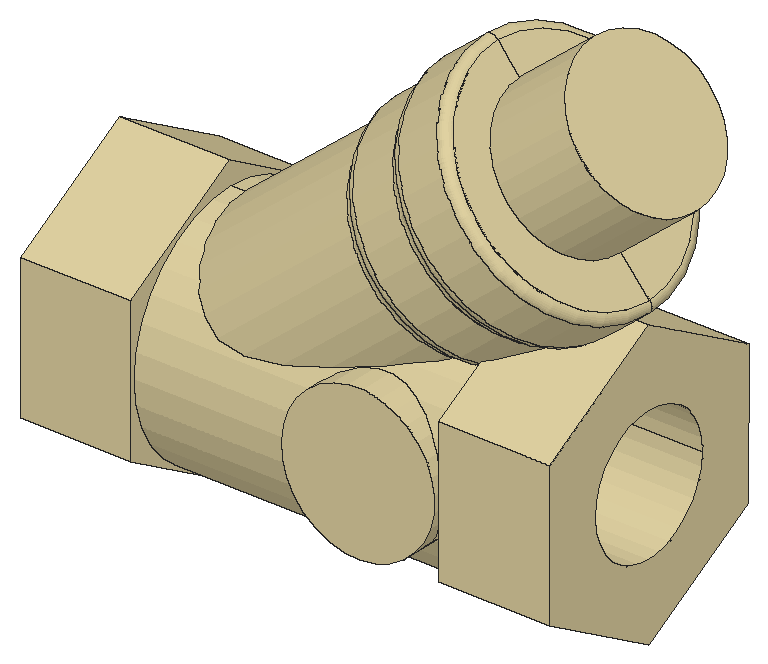
Revit family "DA02240000", category Apparecchi idraulici, Revit 2020
Family settings
  Quota connettore circolare = Usa diametro
  Tipo di parte = Normale
  Numero OmniClass = 23.45.00.00
  Titolo OmniClass = Sanitary, Laundry, and Cleaning Equipment
  Basato su piano di lavoro = No
  Sempre verticale = Sì
  Taglio con vuoti quando caricato = No
  Condiviso = No
  Punto di calcolo locali = No
Parameters
  URL = "https://web.cimberio.com/index.php/figura/1646?subcategoria_id=103"
  Temperatura di esercizio = "-10 ÷ 150°C"
  Prospetto di default = 0 mm
  Produttore = "CIMBERIO SPA"
  Pressione nominale = "PN 20"
  Modello = "Cim 74ACRNL/5"
  Materiale = "Prodotto in lega di ottone “CR” – “DZR\" conforme alla norma EN 12165-CW511L-M nelle misure fino a 1\"1/2 e alla norma EN 1982-CB770S Pb 0,2% max nelle misure da 2\""
  Descrizione = "Utilizzato per la filtrazione degli impianti di riscaldamento, idrici, igienico-sanitari, aria compressa e in generale con ogni fluido non corrosivo"
  DN Model [instance] = DA02241015 : DA02241015
  DN [instance] = 15 mm
  Commenti sul tipo = "Realizzato in ottemperanza ai requisiti gestionali della norma EN ISO 9001.\r\nCollaudato al 100% secondo la normativa EN 12266-1"
Reference planes
  plane 1 "Centro (Fronte/Retro)": y = 0
  plane 2: z = 0
  plane 3 "Centro (Sinistra/Destra)": x = 0
Dimensions and locks
  aligned and locked: level to plane 2
Nested families
  nested 1: "DA02241015" at (0, 0, 0), type <- "DN Model", type "DA02241015"
  nested 2: "DA02241015" at (0, 0, 0), type <- "DN Model", type "DA02241015"
  nested 3: "DA02241015" at (0, 0, 0), type <- "DN Model", type "DA02241015"
  nested 4: "DA02241015" at (0, 0, 0), type <- "DN Model", type "DA02241015"
  nested 5: "DA02241015" at (0, 0, 0), type <- "DN Model", type "DA02241015"
  nested 6: "DA02241015" at (0, 0, 0), type <- "DN Model", type "DA02241015"
Connectors
  piping at (29.5, 0, 0), diameter 15, driven by "DN"
    settings: on nested 1, index 1, connector inside diameter 609.6 mm, connector length 0 mm, flow factor 0, pipe flow 0.0 L/s, pressure drop 0.0 Pa, fitting loss kfactor 0, connector angle 0.00°, fixture units 0, engagement length 0 mm, angle of deflection 0.00°, flow configuration 0, flow direction 0, fitting loss method 0, system type 7, joint type 0, gender type 0, connector reference index -1, connector utility 0, adjustable connector no, is connector primary yes, connector description ""
  piping at (-29.5, 0, 0), diameter 15, driven by "DN"
    settings: on nested 1, index 2, connector inside diameter 609.6 mm, connector length 0 mm, flow factor 0, pipe flow 0.0 L/s, pressure drop 0.0 Pa, fitting loss kfactor 0, connector angle 0.00°, fixture units 0, engagement length 0 mm, angle of deflection 0.00°, flow configuration 0, flow direction 0, fitting loss method 0, system type 7, joint type 0, gender type 0, connector reference index -1, connector utility 0, adjustable connector no, is connector primary no, connector description ""
Definition of nested family "DA02241015"
  Parameters (values of type "DA02241015")
    Default Elevation = 0 mm
  Reference planes
    plane 1 "Centro (Fronte/Retro)": y = 0
    plane 2: z = 0
    plane 3 "Centro (Sinistra/Destra)": x = 0
  Forms (mm)
    Revolve 1, solid
      sketch origin (0, 0, 0) x (1, 0, 0) y (0, 0, 1)
        loop
          line (-19, -13.477) -> (19, -13.477) -> (19, -7.5) -> (-19, -7.5) -> (-19, -13.477)
        axis (-19, 0) -> (19, 0)
      angle from 0 to 360
    Revolve 2, solid
      sketch origin (0.395, 0, -1.85) x (1, 0, 0) y (0, 0, 1)
        loop
          line (15.91, 36.061) -> (12.302, 40.36)
          arc (12.302, 40.36) -> (11.612, 40.72) -> (10.87, 40.486) r 1.017
          line (10.87, 40.486) -> (6.597, 36.9)
          arc (6.597, 36.9) -> (6.216, 36.404) -> (6.062, 35.799) r 1.559
          arc (6.062, 35.799) -> (5.909, 35.197) -> (5.533, 34.703) r 1.56
          line (5.533, 34.703) -> (1.109, 30.99)
          arc (1.109, 30.99) -> (0.725, 30.497) -> (0.576, 29.89) r 1.493
          arc (0.576, 29.89) -> (0.431, 29.291) -> (0.056, 28.801) r 1.493
          line (0.056, 28.801) -> (-19.963, 12.003) -> (-16.987, 8.457) -> (15.91, 36.061)
        axis (20.731, 30.316) -> (-12.167, 2.712)
      angle from 0 to 360
    Extrusion 3, solid
      sketch origin (0, 0, 0) x (0, 1, 0) y (0, 0, 1)
        loop
          circle (0, 0) r 7.5
        loop
          line (0, 16) -> (-13.856, 8) -> (-13.856, -8) -> (0, -16) -> (13.856, -8) -> (13.856, 8) -> (0, 16)
      from -29.5 to -17.201
    Extrusion 4, solid
      sketch origin (16.422, 0, 26.751) x (0, 1, 0) y (-0.642788, 0, 0.766044)
        loop
          circle (0, -1.145) r 8.831
      from 4.705 to 15.677
    Extrusion 5, solid
      sketch origin (0, 0, 0) x (0, 1, 0) y (0, 0, -1)
        loop
          circle (0, 0) r 7.5
        loop
          line (0, -16) -> (13.856, -8) -> (13.856, 8) -> (0, 16) -> (-13.856, 8) -> (-13.856, -8) -> (0, -16)
      from -29.5 to -17.201
    Extrusion 6, solid
      sketch origin (0, 0, 0) x (1, 0, 0) y (0, 0, 1)
        loop
          arc (-0.057, 0.246) -> (5.31, -7.944) -> (14.85, -5.741) r 8.56
          arc (14.85, -5.741) -> (11.69, 7.944) -> (-0.057, 0.246) r 8.56
      from -13.856 to 14.25
  Dimensions and locks
    aligned and locked: level to plane 2
